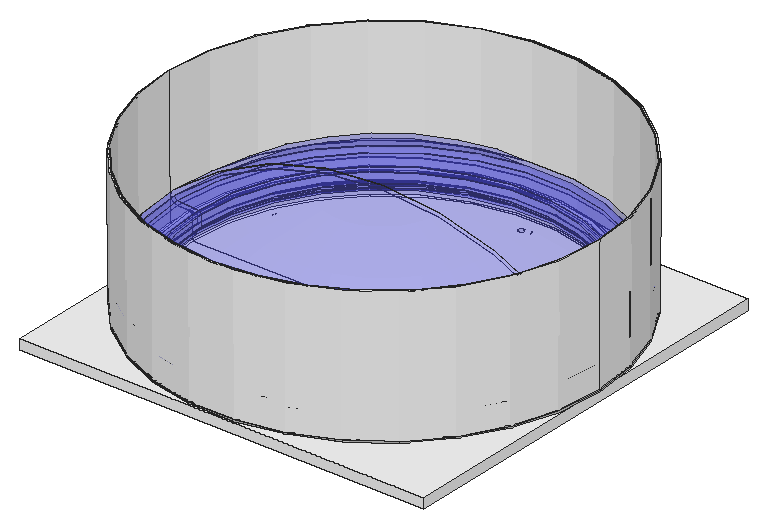
Revit family "BE_51019.1_de_DE", category Leuchten, Revit 2020
Family settings
  Basisbauteil = Fläche
  Bemaßung runder Anschluss = Durchmesser verwenden
  Teiletyp = Normal
  Beim Laden mit Abzugskörper schneiden = Ja
  Lichtquelle = Ja
  Gemeinsam genutzt = Nein
  Raumberechnungspunkt = Ja
Parameters (values of type "BEGA_51019.1_K3")
  built-in parameter 1150104 = 14.034 (stored number, unit not read)
  Wattage = 42.6 W
  Default Elevation = 0 mm
  built-in parameter 1150113 = 1 (stored number, unit not read)
  built-in parameter 1114218 = 1 (stored number, unit not read)
  Umgebungstemperatur = "25 °C"
  URL = "https://www.bega.com/de/produkt/51019.1"
  Typenkommentare = "© 2022 BEGA. Wir behalten uns das Recht vor, technische Änderungen ohne vorherige Ankündigung vorzunehmen."  # constant formula
  built-in parameter 1150134 = (empty or 0)
  built-in parameter 1150109 = 1 (stored number, unit not read)
  Strom = ""
  built-in parameter 1150110 = 1 (stored number, unit not read)
  Spannung = 239.996 V
  Sonderanfertigung = no
  Seriennummer [instance] = "Hier können Sie die eindeutige Seriennummer für das Facility Management eintragen."
  Schutzklasse = "I"
  Schutzart = "IP 20"
  Scheinlast = 0 VA
  Produktdatenblatt = "https://cdn.bega.com/bega/products/51019.1K3/current/documents/data-sheets/de"
  Oberflächentemperatur = ""
  Neigungswinkel = 0.00°
  Modell = "51019.1K3"
  Material_34 = BEGA_Oberfläche_Samtweiss_matt
  Material_14 = BEGA_Kunststoff_opal
  M_W = no
  M_G = no
  M_A = no
  Logo = 0
  built-in parameter 1114217 = 1 (stored number, unit not read)
  built-in parameter 1150139 = (empty or 0)
  built-in parameter 1150105 = 512.09 (stored number, unit not read)
  built-in parameter 1150114 = 1 (stored number, unit not read)
  Lumens = 6435.16 lm
  built-in parameter 1150115 = 1 (stored number, unit not read)
  Leuchtenlichtstrom = "4270 lm"
  Leuchtenanzahl = ""
  Lebensdauerkriterien = "L70B50 @ 25 °C = 200000 h"
  Lastklassifizierung = Beleuchtung
  built-in parameter 1150112 = 1 (stored number, unit not read)
  Lampenlichtstrom = "6435 lm"
  Lampe = "LED 42.6 W"
  LED_Modulbezeichnung = "LED-0630/930"
  Hersteller = "BEGA"  # constant formula
  Halbstreuwinkel = ""
  Gewicht = "2.95 kg"
  Gebrauchslageneinschränkung [instance] = ""
  Frequenz = "0/50-60 Hz"
  Farbwiedergabeindex = "CRI > 90"
  Farbtemperaturverschiebung bei Dämpfen der Lampe = <Keine Auswahl>
  Farbtemperatur = "3000 K"
  Color Filter = 16777215
  built-in parameter 1150133 = 10 (stored number, unit not read)
  Energieeffizienzklasse = "LED A++ - A"
  built-in parameter 1150137 = (empty or 0)
  built-in parameter 1150132 = (empty or 0)
  ENEC = "ja"
  Dimmbar [instance] = "DALI"
  Datei für fotometrisches Netz = "BE_51019-1K3.ies"
  CE_Konformität = "ja"
  Bestellnummer = "51019.1K3"
  Beschreibung_Sonderanfertigung = "Hier können Sie Informationen zur Sonderanfertigung eintragen."
  Beschreibung = "Deckenleuchte"
  built-in parameter 1150106 = 5.1209 (stored number, unit not read)
  Befestigungsbohrung = "Ø 6 mm"
  Befestigungsabstand = "340 mm"
  Ballwurfsicher = ""
  BEGA_Intern_aus = yes
  BEGA_Intern_an = yes
  BEGA_Intern_Konstruktion = yes
  BEGA_Intern = yes
  BEGA_IES = yes
  BEGA_Dummy = no
  Anschlussleitung = ""
  Anschlussleistung [instance] = "47.4 W"
  Anschlusskasten = ""
  built-in parameter 1150107 = 3000 (stored number, unit not read)
  built-in parameter 1150102 = (empty or 0)
  built-in parameter 1150138 = (empty or 0)
  Aktualisierung = "2022-12-14T04:00:03"
  Abstand_zur_angestrahlten_Fläche [instance] = ""
  AC/DC = "AC/DC"
Reference planes
  plane 1 "Mitte (Vorne/Hinten)": y = 0
  plane 2: z = 0
  plane 3 "Mitte (Links/Rechts)": x = 0
  plane 4 "Links": x = -213.998
  plane 5 "Rechts": x = 213.993
  plane 6 "Unten": y = -213.77
  plane 7 "Oben": y = 213.761
  plane 8 "Vorne": z = 144.998
  plane 9 "Hinten": z = 0
Forms (mm)
  Extrusion 1, solid, material "BEGA_Platte_Weiss"
    sketch origin (0, -1119.2, 0) x (1, 0, 0) y (0, 1, 0)
      loop
        line (-200, 1319.2) -> (-200, 919.2) -> (200, 919.2) -> (200, 1319.2) -> (-200, 1319.2)
    from 0 to -10
  Extrusion 2, solid, material "BEGA_Dummy_matt", visible <- "BEGA_Dummy"
    sketch origin (77.149, -76.023, 0) x (1, 0, 0) y (0, 1, 0)
      loop
        circle (-77.149, 76.023) r 213.998
    from 0 to 144.998
Dimensions and locks
  plane 1 "Mitte (Vorne/Hinten)" to Extrusion 1 = 200 mm
  aligned and locked: plane 2 to Extrusion 1
  aligned and locked: level to Extrusion 1
Nested families
  nested 1: "BE_51019.1_Leuchte" at (0, 0, 0), type "BE_51019.1_Leuchte"
Connectors
  electrical at (0, 0, 0), driven by "Lastklassifizierung", driven by "Spannung", driven by "Scheinlast"
    settings: index 1, voltage 239.996 V, apparent load 0 VA, apparent load phase1 0 VA, apparent load phase2 0 VA, apparent load phase3 0 VA, power factor 1, load classification "Beleuchtung", number of poles 1, system type 31, power factor state 1, is connector primary yes, connector utility no, sub classification motor no, connector description ""
Definition of nested family "BE_51019.1_Leuchte"
  Parameters (values of type "BE_51019.1_Leuchte")
    Default Elevation = 1 mm
    URL = "http://www.bega.de/de/produkt"
    Type Comments = "© 2015 BEGA. Wir behalten uns das Recht vor, technische Änderungen ohne vorherige Ankündigung vorzunehmen. "  # constant formula
    Type Image = (empty or 0)
    Material_34 = none
    Material_14 = none
    Länge_Platte = 200 mm  # constant formula
    Höhe_Platte = -10 mm  # constant formula
    Manufacturer = "BEGA"  # constant formula
    Breite_Platte = 200 mm  # constant formula
  Reference planes
    plane 1 "Mitte (Oben/Unten)": y = 0
    plane 2: z = 0
    plane 3 "Mitte (Links/Rechts)": x = 0
    plane 4: y = 213.761
    plane 5: x = 213.993
    plane 6: y = -213.77
    plane 7: x = -213.998
    plane 8: z = 144.998
  Forms (mm)
    Extrusion 1, solid, detail levels medium
      sketch origin (0, 0, 0) x (1, 0, 0) y (0, 1, 0)
        loop
          line (-100, 100) -> (-100, -100) -> (100, -100) -> (100, 100) -> (-100, 100)
      from 0 to -10 <- "Höhe_Platte"
    Revolve 2, solid, material <- "Material_34"
      sketch origin (0, 0, 0) x (1, 0, 0) y (0, 0, 1)
        loop
          line (194, 27.5) -> (191.844, 27.5)
          arc (191.844, 27.5) -> (190.578, 26.986) -> (190.038, 25.731) r 1.8
          line (190.038, 25.731) -> (189.667, 4.483)
          arc (189.667, 4.483) -> (189.368, 3.787) -> (188.667, 3.5) r 1
          line (188.667, 3.5) -> (0, 3.5) -> (0, 2.5) -> (188.667, 2.5)
          arc (188.667, 2.5) -> (190.069, 3.073) -> (190.667, 4.465) r 2
          line (190.667, 4.465) -> (191.038, 25.71)
          arc (191.038, 25.71) -> (191.277, 26.271) -> (191.842, 26.5) r 0.8
          line (191.842, 26.5) -> (194, 26.5) -> (194, 27.5)
        axis (0, 2.5) -> (0, 27.5)
      angle from 0 to 360
    Revolve 3, solid, material <- "Material_14"
      sketch origin (0, 0, 0) x (1, 0, 0) y (0, 0, 1)
        loop
          line (-180.1, 18.672) -> (-180.1, 28.954)
          arc (-180.1, 28.954) -> (-180.929, 31.025) -> (-182.958, 31.951) r 3
          line (-182.958, 31.951) -> (-203.42, 33.023)
          arc (-203.42, 33.023) -> (-206.106, 35.053) -> (-205.214, 38.299) r 3
          arc (-205.214, 38.299) -> (-109.366, 94.472) -> (0, 114.002) r 315.999
          line (0, 114.002) -> (0, 118)
          arc (0, 118) -> (-110.737, 98.229) -> (-207.79, 41.358) r 319.999
          arc (-207.79, 41.358) -> (-209.896, 33.781) -> (-203.629, 29.029) r 7
          line (-203.629, 29.029) -> (-184.948, 28.05)
          arc (-184.948, 28.05) -> (-184.273, 27.738) -> (-184, 27.046) r 1
          line (-184, 27.046) -> (-184, 19.769)
          arc (-184, 19.769) -> (-184.105, 19.372) -> (-184.394, 19.08) r 0.8
          line (-184.394, 19.08) -> (-188.854, 16.504)
          arc (-188.854, 16.504) -> (-189.144, 16.212) -> (-189.25, 15.814) r 0.8
          line (-189.25, 15.814) -> (-189.25, 9.5) -> (-185.25, 9.5) -> (-185.25, 12.233)
          arc (-185.25, 12.233) -> (-184.85, 13.73) -> (-183.757, 14.828) r 3.001
          line (-183.757, 14.828) -> (-181.585, 16.082)
          arc (-181.585, 16.082) -> (-180.497, 17.179) -> (-180.1, 18.672) r 3.001
        axis (0, 9.5) -> (0, 118)
      angle from 0 to 360
    Revolve 4, solid, material <- "Material_34"
      sketch origin (0, 0, 0) x (1, 0, 0) y (0, 0, 1)
        loop
          line (213.964, 144.995) -> (213.104, 144.998) -> (213.104, 12.503)
          arc (213.104, 12.503) -> (212.623, 11.343) -> (211.463, 10.862) r 1.641
          line (211.463, 10.862) -> (192.751, 10.862) -> (191.268, 1.501) -> (181, 1.501) -> (181, 0) -> (189.991, 0)
          arc (189.991, 0) -> (192.1, 0.863) -> (193, 2.956) r 3.009
          line (193, 2.956) -> (193.114, 9.5) -> (211.492, 9.5)
          arc (211.492, 9.5) -> (212.909, 10.082) -> (213.498, 11.496) r 1.998
          line (213.498, 11.496) -> (213.964, 144.995)
        axis (0, 0) -> (0, 144.998)
      angle from 0 to 360
    Revolve 5, solid, material <- "Material_34"
      sketch origin (0, 0, 0) x (1, 0, 0) y (0, 0, 1)
        loop
          line (212.464, 144.995) -> (211.998, 11.496) -> (193.465, 11.496)
          arc (193.465, 11.496) -> (191.804, 10.733) -> (191.106, 9.044) r 2.5
          line (191.106, 9.044) -> (190.991, 2.5) -> (181, 2.5) -> (181, 1) -> (189.991, 1)
          arc (189.991, 1) -> (191.399, 1.576) -> (192, 2.974) r 2.009
          line (192, 2.974) -> (192.105, 9.026)
          arc (192.105, 9.026) -> (192.516, 10.031) -> (193.497, 10.496) r 1.5
          line (193.497, 10.496) -> (210.957, 10.496)
          arc (210.957, 10.496) -> (212.398, 11.09) -> (213.002, 12.527) r 2.045
          line (213.002, 12.527) -> (213.464, 144.995) -> (212.464, 144.995)
        axis (0, 1) -> (0, 144.995)
      angle from 0 to 360
    Extrusion 6, solid, material <- "Material_34"
      sketch origin (0, 0, 0) x (1, 0, 0) y (0, 1, 0)
        loop
          arc (177.592, 29.799) -> (161.844, 50.995) -> (135.44, 50.636) r 28.998
          arc (135.44, 50.636) -> (124.155, 39.964) -> (119.995, 25) r 28.998
          line (119.995, 25) -> (119.995, -25)
          arc (119.995, -25) -> (146.586, -53.898) -> (177.592, -29.799) r 28.998
          arc (177.592, -29.799) -> (180.074, 0) -> (177.592, 29.799) r 180.074
      from 2.358 to 8.965
    Extrusion 7, solid, material <- "Material_34"
      sketch origin (0, 0.089, 0) x (1, 0, 0) y (0, 1, 0)
        loop
          circle (0, 170) r 8.061
        loop
          circle (0, -170) r 8.061
      from 0.359 to 2.5
    Extrusion 8, void
      sketch origin (0, 0, 0) x (1, 0, 0) y (0, 1, 0)
        loop
          circle (161.993, -18) r 5
        loop
          circle (161.993, 18) r 5
      from 0 to 27.046
    Extrusion 9, void
      sketch origin (0, 0, 0) x (1, 0, 0) y (0, 1, 0)
        loop
          circle (0, 170) r 3
        loop
          circle (0, -170) r 3
      from 0 to 3.5
  Cuts and joins
    Extrusion 8, Extrusion 9 cuts Revolve 2
    Extrusion 8, Extrusion 9 cuts Extrusion 6
    Extrusion 8, Extrusion 9 cuts Extrusion 7
    joined: Revolve 2, Extrusion 6, Extrusion 7
    Extrusion 8, Extrusion 9 cuts Revolve 3
  Dimensions and locks
    equal spacing: Extrusion 1 sketch curve, plane 3 "Mitte (Links/Rechts)", Extrusion 1 sketch curve
    equal spacing: Extrusion 1 sketch curve, plane 1 "Mitte (Oben/Unten)", Extrusion 1 sketch curve
    "Länge_Platte": Extrusion 1 sketch curve to Extrusion 1 sketch curve
    "Breite_Platte": Extrusion 1 sketch curve to Extrusion 1 sketch curve
    plane 1 "Mitte (Oben/Unten)" to Extrusion 1 = 100 mm  (x3)
    aligned and locked: plane 2 to Extrusion 1
    aligned and locked: level to Extrusion 1
  Automatic sketch dimensions
    Revolve 2 sketch curve to Revolve 2 sketch curve = 0 mm  (x16)
    Revolve 2 sketch curve to plane 3 "Mitte (Links/Rechts)" = 0 mm  (x2)
    level to Revolve 2 sketch curve = 4.5 mm
    plane 3 "Mitte (Links/Rechts)" to Revolve 2 sketch curve = 188.667 mm
    level to Revolve 2 sketch curve = 25.71 mm
    Revolve 2 sketch curve to Revolve 2 sketch curve = 2.371 mm
    Revolve 2 sketch curve to Revolve 2 sketch curve = 0.8 mm
    Revolve 2 sketch curve to Revolve 2 sketch curve = 0.004 mm
    Revolve 2 sketch curve to Revolve 2 sketch curve = 0.002 mm
    Revolve 2 sketch curve to Revolve 2 sketch curve = 2.156 mm
    Revolve 2 sketch curve to Revolve 2 sketch curve = 0.01 mm
    Revolve 2 sketch curve to Revolve 2 sketch curve = 1 mm  (x5)
    level to Revolve 2 sketch curve = 25.731 mm
    level to Revolve 2 sketch curve = 4.465 mm
    Revolve 2 sketch curve to level = 609.6 mm
    Revolve 3 sketch curve to plane 3 "Mitte (Links/Rechts)" = 0.001 mm
    level to Revolve 3 sketch curve = 16.082 mm
    Revolve 3 sketch curve to Revolve 3 sketch curve = 0.664 mm
    Revolve 3 sketch curve to Revolve 3 sketch curve = 1.373 mm
    Revolve 3 sketch curve to Revolve 3 sketch curve = 0.142 mm
    Revolve 3 sketch curve to Revolve 3 sketch curve = 1.516 mm
    level to Revolve 3 sketch curve = 14.828 mm
    Revolve 3 sketch curve to Revolve 3 sketch curve = 2.172 mm
    level to Revolve 3 sketch curve = 19.08 mm
    Revolve 3 sketch curve to Revolve 3 sketch curve = 1.293 mm
    Revolve 3 sketch curve to Revolve 3 sketch curve = 0.406 mm
    Revolve 3 sketch curve to Revolve 3 sketch curve = 1.9 mm
    Revolve 3 sketch curve to Revolve 3 sketch curve = 3.001 mm
    Revolve 3 sketch curve to Revolve 3 sketch curve = 4.693 mm
    level to Revolve 3 sketch curve = 16.504 mm
    Revolve 3 sketch curve to Revolve 3 sketch curve = 0.405 mm
    Revolve 3 sketch curve to Revolve 3 sketch curve = 4 mm
    Revolve 3 sketch curve to Revolve 3 sketch curve = 18.263 mm
    Revolve 3 sketch curve to Revolve 3 sketch curve = 0.002 mm  (x3)
    plane 3 "Mitte (Links/Rechts)" to Revolve 3 sketch curve = 0.002 mm
    Revolve 3 sketch curve to Revolve 3 sketch curve = 2.595 mm
    Revolve 3 sketch curve to Revolve 3 sketch curve = 2.733 mm
    Revolve 3 sketch curve to Revolve 3 sketch curve = 0.001 mm
    Revolve 3 sketch curve to Revolve 3 sketch curve = 0.69 mm
    Revolve 3 sketch curve to Revolve 3 sketch curve = 0.408 mm
    Revolve 3 sketch curve to Revolve 3 sketch curve = 0.689 mm
    Revolve 3 sketch curve to Revolve 3 sketch curve = 4.9 mm
    Revolve 3 sketch curve to Revolve 3 sketch curve = 1.903 mm
    Revolve 3 sketch curve to Revolve 3 sketch curve = 8.966 mm
    Revolve 3 sketch curve to Revolve 3 sketch curve = 0 mm  (x13)
    level to Revolve 3 sketch curve = 19.769 mm
    Revolve 3 sketch curve to Revolve 3 sketch curve = 0.394 mm
    Revolve 3 sketch curve to Revolve 3 sketch curve = 1 mm
    level to Revolve 3 sketch curve = 27.046 mm
    level to Revolve 3 sketch curve = 28.05 mm
    Revolve 3 sketch curve to Revolve 3 sketch curve = 0.052 mm
    level to Revolve 3 sketch curve = 33.023 mm
    Revolve 3 sketch curve to Revolve 3 sketch curve = 0.155 mm
    Revolve 3 sketch curve to Revolve 3 sketch curve = 0.207 mm
    level to Revolve 3 sketch curve = 29.029 mm
    Revolve 3 sketch curve to Revolve 3 sketch curve = 1.951 mm
    Revolve 3 sketch curve to Revolve 3 sketch curve = 2.576 mm
    level to Revolve 3 sketch curve = 114.002 mm
    Revolve 3 sketch curve to Revolve 3 sketch curve = 2.59 mm
    Revolve 3 sketch curve to Revolve 3 sketch curve = 0.005 mm
    Revolve 3 sketch curve to plane 3 "Mitte (Links/Rechts)" = 181.585 mm
    Revolve 3 sketch curve to plane 3 "Mitte (Links/Rechts)" = 0 mm
    Revolve 4 sketch curve to plane 3 "Mitte (Links/Rechts)" = 0 mm
    level to Revolve 4 sketch curve = 1.501 mm
    plane 3 "Mitte (Links/Rechts)" to Revolve 4 sketch curve = 181 mm
    Revolve 4 sketch curve to Revolve 4 sketch curve = 1.277 mm
    Revolve 4 sketch curve to Revolve 4 sketch curve = 2.76 mm
    Revolve 4 sketch curve to Revolve 4 sketch curve = 18.712 mm
    Revolve 4 sketch curve to Revolve 4 sketch curve = 0.029 mm
    Revolve 4 sketch curve to Revolve 4 sketch curve = 0.037 mm
    Revolve 4 sketch curve to Revolve 4 sketch curve = 0.394 mm
    Revolve 4 sketch curve to Revolve 4 sketch curve = 0.86 mm
    level to Revolve 4 sketch curve = 0 mm
    Revolve 4 sketch curve to Revolve 4 sketch curve = 1.362 mm
    Revolve 4 sketch curve to Revolve 4 sketch curve = 1.005 mm
    Revolve 4 sketch curve to Revolve 4 sketch curve = 132.492 mm
    Revolve 4 sketch curve to Revolve 4 sketch curve = 0.003 mm
    Revolve 4 sketch curve to Revolve 4 sketch curve = 1.731 mm
    level to Revolve 4 sketch curve = 2.956 mm
    Revolve 4 sketch curve to Revolve 4 sketch curve = 0 mm
    level to Revolve 4 sketch curve = 9.5 mm
    Revolve 4 sketch curve to Revolve 4 sketch curve = 0.363 mm
    Revolve 4 sketch curve to Revolve 4 sketch curve = 2464.06 mm
    Revolve 4 sketch curve to Revolve 4 sketch curve = 1.007 mm
    Revolve 4 sketch curve to Revolve 4 sketch curve = 1.641 mm
    Revolve 4 sketch curve to Revolve 4 sketch curve = 8.991 mm
    Revolve 4 sketch curve to Revolve 4 sketch curve = 1.508 mm
    Revolve 4 sketch curve to level = 609.6 mm
    Revolve 5 sketch curve to Revolve 5 sketch curve = 0 mm  (x5)
    Revolve 5 sketch curve to plane 3 "Mitte (Links/Rechts)" = 0 mm
    level to Revolve 5 sketch curve = 1 mm
    plane 3 "Mitte (Links/Rechts)" to Revolve 5 sketch curve = 181 mm
    level to Revolve 5 sketch curve = 3.009 mm
    Revolve 5 sketch curve to Revolve 5 sketch curve = 8.991 mm
    level to Revolve 5 sketch curve = 2.5 mm
    Revolve 5 sketch curve to Revolve 5 sketch curve = 1 mm  (x4)
    Revolve 5 sketch curve to Revolve 5 sketch curve = 3.474 mm
    Revolve 5 sketch curve to Revolve 5 sketch curve = 0.032 mm
    Revolve 5 sketch curve to Revolve 5 sketch curve = 0.109 mm
    Revolve 5 sketch curve to Revolve 5 sketch curve = 17.492 mm
    Revolve 5 sketch curve to Revolve 5 sketch curve = 1.042 mm
    Revolve 5 sketch curve to Revolve 5 sketch curve = 1.508 mm
    Revolve 5 sketch curve to Revolve 5 sketch curve = 5.991 mm
    Revolve 5 sketch curve to Revolve 5 sketch curve = 1.496 mm
    level to Revolve 5 sketch curve = 9.044 mm
    Revolve 5 sketch curve to Revolve 5 sketch curve = 2.5 mm
    Revolve 5 sketch curve to Revolve 5 sketch curve = 1.008 mm
    level to Revolve 5 sketch curve = 2.974 mm
    level to Revolve 5 sketch curve = 9.026 mm
    Revolve 5 sketch curve to Revolve 5 sketch curve = 1.004 mm
    Revolve 5 sketch curve to level = 609.6 mm
    Revolve 5 sketch curve to Revolve 5 sketch curve = 2464.063 mm
    Revolve 5 sketch curve to Revolve 5 sketch curve = 1.045 mm
    Revolve 5 sketch curve to Revolve 5 sketch curve = 132.468 mm
    Extrusion 6 sketch curve to Extrusion 6 sketch curve = 0 mm  (x3)
    plane 1 "Mitte (Oben/Unten)" to Extrusion 6 sketch curve = 0 mm
    Extrusion 6 sketch curve to plane 3 "Mitte (Links/Rechts)" = 0 mm
    Extrusion 6 sketch curve to plane 1 "Mitte (Oben/Unten)" = 25 mm
    Extrusion 6 sketch curve to plane 5 = 93.998 mm
    Extrusion 6 sketch curve to Extrusion 6 sketch curve = 28.998 mm  (x2)
    plane 1 "Mitte (Oben/Unten)" to Extrusion 6 sketch curve = 25 mm
    Extrusion 6 sketch curve to Extrusion 6 sketch curve = 13.553 mm
    Extrusion 8 sketch curve to plane 1 "Mitte (Oben/Unten)" = 18 mm
    Extrusion 8 sketch curve to plane 5 = 52 mm
    plane 1 "Mitte (Oben/Unten)" to Extrusion 8 sketch curve = 18 mm
    Extrusion 8 sketch curve to Extrusion 8 sketch curve = 0 mm
    radius of Extrusion 8 sketch curve = 5 mm  (x2)
